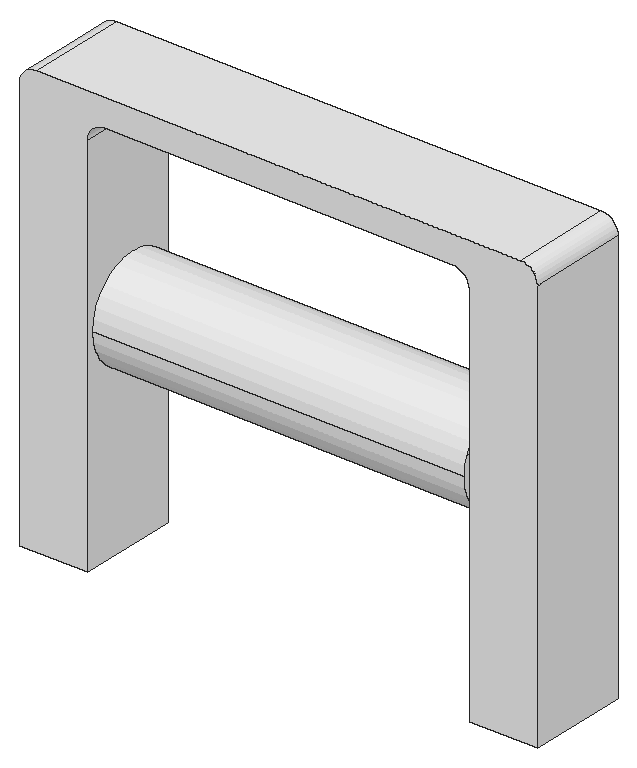
Revit family "Toilet Roll Holder-Single-Dorf Motif", category Specialty Equipment, host Face, Revit 2013
Parameters (values of type "Standard")
  URL = "http://www.dorf.com.au/"
  Type Comments = "Dorf Motif Toilet Roll Holder"  # constant formula
  ModifiedIssue_ANZRS = 2013.1  # constant formula
  Model = "2393.04"  # constant formula
  Material_ANZRS = Metal-Chrome-Caroma
  Manufacturer = "GWA Bathrooms & Kitchens"  # constant formula
  Length_ANZRS = 156 mm  # constant formula
  Description = ""
  Default Elevation = 500 mm
  CreatedBy_ANZRS = "Design Content"  # constant formula
  CreatedByURL_ANZRS = "www.designcontent.com.au"
  Cost = 0
  Assembly Code = "C1030200"
Reference planes
  plane 1 "Center (Elevation)": y = 0
  plane 2 "Back": z = 0
  plane 3 "Center (Left/Right)": x = 0
  plane 4 "Left": x = -78
  plane 5 "Right": x = 78
  plane 6 "Bottom": y = -15.15
  plane 7 "Top": y = 15.15
  plane 8 "Front": z = 130
Forms (mm)
  Extrusion 1, solid, material "Metal-Chrome-Caroma" <- "Material_ANZRS"
    sketch origin (0, 0, 0) x (1, 0, 0) y (0, 0, 1)
      loop
        line (78, 0) -> (78, 125)
        arc (78, 125) -> (76.536, 128.536) -> (73, 130) r 5
        line (73, 130) -> (-73, 130)
        arc (-73, 130) -> (-76.536, 128.536) -> (-78, 125) r 5
        line (-78, 125) -> (-78, 0) -> (-57.5, 0) -> (-57.5, 116.675)
        arc (-57.5, 116.675) -> (-56.036, 120.21) -> (-52.5, 121.675) r 5
        line (-52.5, 121.675) -> (52.5, 121.675)
        arc (52.5, 121.675) -> (56.036, 120.21) -> (57.5, 116.675) r 5
        line (57.5, 116.675) -> (57.5, 0) -> (78, 0)
    from -15.15 to 15.15
  Extrusion 2, solid, material "Metal-Chrome-Caroma" <- "Material_ANZRS"
    sketch origin (0, 0, 0) x (0, 1, 0) y (0, 0, 1)
      loop
        circle (0, 65.5) r 15.15
    from -56 to 56
  Extrusion 3, void
    sketch origin (0, 0, 0) x (0, 1, 0) y (0, 0, 1)
      loop
        line (0, 62.8) -> (8.3, 62.8) -> (16.62, 55.819) -> (16.62, 75.181) -> (8.3, 68.2) -> (0, 68.2)
        arc (0, 68.2) -> (-2.7, 65.5) -> (0, 62.8) r 2.7
    from 52 to 57.5
  Extrusion 4, void
    sketch origin (0, 0, 0) x (0, 1, 0) y (0, 0, -1)
      loop
        arc (0, -62.8) -> (-2.7, -65.5) -> (0, -68.2) r 2.7
        line (0, -68.2) -> (8.3, -68.2) -> (16.62, -75.181) -> (16.62, -55.819) -> (8.3, -62.8) -> (0, -62.8)
    from 52 to 57.5
  Extrusion 5, solid, material "Metal-Chrome-Caroma" <- "Material_ANZRS"
    sketch origin (0, 0, 0) x (0, 1, 0) y (0, 0, 1)
      loop
        line (15.15, 68) -> (-2.611, 68) -> (-2.611, 63) -> (15.15, 63) -> (15.15, 68)
    from 53 to 70
  Extrusion 6, solid, material "Metal-Chrome-Caroma" <- "Material_ANZRS"
    sketch origin (0, 0, 0) x (0, 1, 0) y (0, 0, -1)
      loop
        line (15.15, -68) -> (15.15, -63) -> (-2.611, -63) -> (-2.611, -68) -> (15.15, -68)
    from 53 to 70
Cuts and joins
  Extrusion 3, Extrusion 4 cuts Extrusion 2
  joined: Extrusion 1, Extrusion 5, Extrusion 6
Dimensions and locks
  "Length_ANZRS": plane 4 "Left" to plane 5 "Right"
  plane 8 "Front" to host face = 130 mm
  aligned and locked: plane 2 "Back" to host face
  aligned and locked: level to host face
Automatic sketch dimensions
  host sketch curve to host sketch curve = 2438.4 mm  (x2)
  Extrusion 1 sketch curve to level = 0 mm  (x2)
  Extrusion 1 sketch curve to plane 4 "Left" = 0 mm
  Extrusion 1 sketch curve to plane 8 "Front" = 0 mm
  Extrusion 1 sketch curve to plane 5 "Right" = 0 mm
  Extrusion 1 sketch curve to plane 8 "Front" = 13.325 mm
  plane 4 "Left" to Extrusion 1 sketch curve = 5 mm
  Extrusion 1 sketch curve to Extrusion 1 sketch curve = 20.5 mm
  Extrusion 1 sketch curve to Extrusion 1 sketch curve = 5 mm  (x2)
  Extrusion 1 sketch curve to plane 5 "Right" = 25.5 mm
  Extrusion 1 sketch curve to plane 5 "Right" = 5 mm
  Extrusion 2 sketch curve to plane 1 "Center (Elevation)" = 0 mm
  Extrusion 2 sketch curve to plane 8 "Front" = 64.5 mm
  Extrusion 3 sketch curve to plane 1 "Center (Elevation)" = 0 mm
  Extrusion 3 sketch curve to plane 7 "Top" = 1.47 mm
  level to Extrusion 3 sketch curve = 55.819 mm
  plane 7 "Top" to Extrusion 3 sketch curve = 6.85 mm
  Extrusion 3 sketch curve to Extrusion 3 sketch curve = 0 mm
  Extrusion 3 sketch curve to Extrusion 3 sketch curve = 6.981 mm  (x2)
  Extrusion 3 sketch curve to Extrusion 3 sketch curve = 5.4 mm
  Extrusion 4 sketch curve to plane 1 "Center (Elevation)" = 0 mm
  Extrusion 4 sketch curve to plane 7 "Top" = 1.47 mm
  Extrusion 4 sketch curve to plane 8 "Front" = 54.819 mm
  plane 7 "Top" to Extrusion 4 sketch curve = 6.85 mm
  Extrusion 4 sketch curve to Extrusion 4 sketch curve = 0 mm
  Extrusion 4 sketch curve to Extrusion 4 sketch curve = 6.981 mm  (x2)
  Extrusion 4 sketch curve to Extrusion 4 sketch curve = 5.4 mm
  Extrusion 5 sketch curve to plane 7 "Top" = 0 mm
  level to Extrusion 5 sketch curve = 63 mm
  plane 1 "Center (Elevation)" to Extrusion 5 sketch curve = 2.611 mm
  Extrusion 5 sketch curve to Extrusion 5 sketch curve = 5 mm
  Extrusion 6 sketch curve to plane 7 "Top" = 0 mm
  plane 1 "Center (Elevation)" to Extrusion 6 sketch curve = 2.611 mm
  Extrusion 6 sketch curve to plane 8 "Front" = 62 mm
  Extrusion 6 sketch curve to Extrusion 6 sketch curve = 5 mm
  radius of Extrusion 2 sketch curve = 15.15 mm
